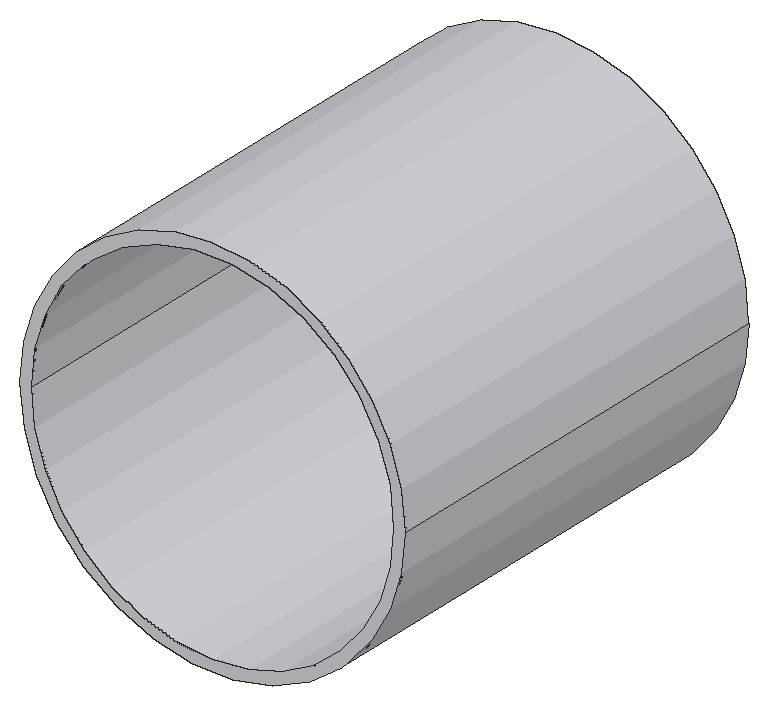
Revit family "SC5B", category Generic Models, Revit 2017
Family settings
  Can host rebar = No
  Round Connector Dimension = Use Diameter
  Part Type = Normal
  Work Plane-Based = Yes
  Always vertical = No
  Cut with Voids When Loaded = No
  Shared = No
  Room Calculation Point = No
Parameters (values of type "NBS Standard Parameters")
  Weight = "0.1434Kg"
  WarrantyStartDate [instance] = "1900-12-31T23:59:59"
  WarrantyGuarantorParts = "n/a"
  WarrantyGuarantorLabor = "n/a"
  WarrantyDurationUnit = "1 year"
  WarrantyDurationParts = "n/a"
  WarrantyDurationLabor = "n/a"
  WarrantyDescription = "n/a"
  Version = "1"
  Uniclass2 = "Pr_65_70_11_10"
  TagNumber [instance] = "n/a"
  SustainabilityPerformance = "n/a"
  Size = "2\""
  Shape = "Circular"
  SerialNumber [instance] = "n/a"
  Revision = "n/a"
  ReplacementCost = "n/a"
  ProductInformation = "www.metpro.co.uk/pdf/sc5g.pdf"
  NominalWidth = 54 mm
  NominalLength = 54 mm
  NominalHeight = 60 mm
  Name = ""
  NBSTypeID = ""
  NBSReference = "90-55-10/460"
  NBSOfficeMasterTag = ""
  NBSNote = ""
  NBSDescription = "Conduit Fittings"
  NBSCertification = ""
  ModelReference = "SC5B"
  ModelNumber = "n/a"
  Material = "steel"
  ManufacturerURL = "www.metpro.co.uk"
  ManufacturerName = "Metpro Ltd"
  InstallationDate [instance] = "1900-12-31T23:59:59"
  IfcExportType = ""
  IfcExportAs = ""
  Grade = "n/a"
  Finish = "Black"
  Features = "n/a"
  ExpectedLife = "n/a"
  DurationUnit = "year"
  Description = "SC5B - 2\" Conduit Solid Coupler"
  Default Elevation = 1219.2 mm
  Constituents = "n/a"
  Color = "n/a"
  CodePerformance = "n/a"
  Category = "n/a"
  BarCode [instance] = "n/a"
  BIMObjectName = "Metpro_metprolibrary_conduitfittings_metalcomponent_steelaccessories"
  Author = "Metpro Ltd"
  AssetType = ""
  AssetIdentifier [instance] = "n/a"
  AccessibilityPerformance = "n/a"
Reference planes
  plane 1 "Center (Front/Back)": y = 0
  plane 2: z = 0
  plane 3 "Center (Left/Right)": x = 0
Forms (mm)
  Extrusion 1, solid
    sketch origin (237, 5.586, 25.358) x (-1, 0, 0) y (0, 0, 1)
      loop
        circle (210, 20) r 27
      loop
        circle (210, 20) r 25.4
    from 0 to 60
Dimensions and locks
  aligned and locked: level to plane 2
